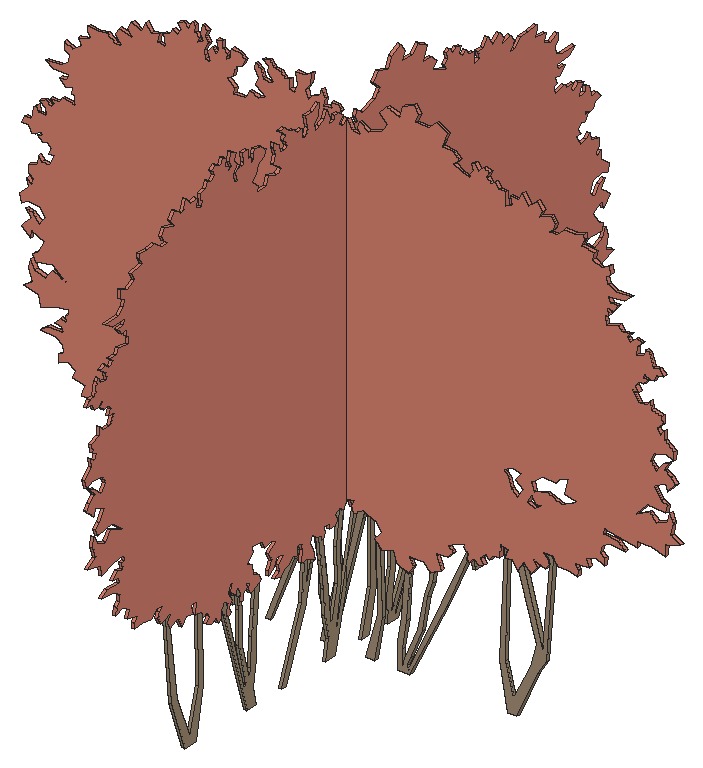
Revit family "남천", category 수목, Revit 2019
Family settings
  OmniClass 번호 = 23.40.05.00
  OmniClass 제목 = Plants and Planting Products
  작업 기준면 기반 = 아니오
  항상 수직 = 예
  로드될 때 보이드를 사용하여 절단 = 아니오
  렌더 모양 소스 = 패밀리 형상
  공유 = 아니오
Parameters
  높이 = 6000 mm
Reference planes
  plane 1 "중심(앞/뒤)": y = 0
  plane 2: z = 0
  plane 3 "중심(왼쪽/오른쪽)": x = 0
Dimensions and locks
  aligned and locked: level to plane 2
Nested families
  nested 1: "남천_base" at (0, 0, 0), type "남천_base"
Definition of nested family "남천_base"
  Parameters (values of type "남천_base")
    Height = 6000 mm
  Reference planes
    plane 1 "중심(앞/뒤)": y = 0
    plane 2: z = 0
    plane 3 "중심(왼쪽/오른쪽)": x = 0
    plane 4 "중심 L/S": x = 500
    plane 5 "중심 L/T": x = -500
  Forms (mm)
    Extrusion 1, solid, detail levels fine
      sketch origin (0, 0, 0) x (1, 0, 0) y (0, 0, 1)
        loop
          line (80.286, 176.292) -> (85.418, 159.57) -> (105.102, 150.285) -> (112.367, 162.751) -> (106.26, 176.112) -> (129.292, 176.349) -> (142.188, 165.026) -> (160.028, 174.495) -> (151.265, 196.575) -> (170.335, 197.963) -> (179.881, 207.617) -> (171.326, 216.061) -> (183.693, 223.429) -> (200.072, 228.028) -> (197.106, 222.268) -> (203.809, 215.388) -> (201.485, 205.41) -> (206.347, 201.833) -> (212.904, 210.945) -> (221.412, 204.685) -> (231.046, 207.488) -> (226.135, 216.496) -> (233.913, 224.111) -> (240.907, 218.441) -> (246.565, 226.941) -> (257.421, 227.945) -> (258.144, 248.168) -> (269.955, 243.749) -> (265.241, 231.033) -> (279.119, 231.763) -> (286.782, 218.857) -> (296.889, 234.621) -> (311.164, 222.996) -> (320.405, 234.533) -> (314.283, 244.724) -> (333.945, 237.368) -> (340.797, 246.472) -> (338.303, 255.491) -> (331.614, 261.759) -> (344.277, 261.573) -> (356.45, 249.025) -> (372.728, 249.173) -> (388.439, 245.397) -> (389.267, 253.843) -> (384.658, 263.446) -> (407.247, 265.761) -> (403.521, 277.783) -> (418.53, 284.851) -> (432.471, 276.84) -> (433.863, 289.511) -> (426.275, 295.168) -> (429.194, 305.743) -> (441.192, 312.483) -> (468.034, 311.219) -> (456.182, 321.66) -> (430.836, 324.143) -> (433.858, 332.534) -> (487.865, 323.726) -> (487.95, 333.139) -> (511.489, 332.925) -> (534.979, 327.221) -> (535.927, 345.255) -> (561.114, 353.656) -> (543.93, 362.442) -> (548.024, 381.232) -> (542.66, 395.402) -> (537.817, 380.54) -> (520.483, 372.853) -> (508.036, 384.733) -> (486.751, 373.943) -> (505.767, 394.168) -> (535.57, 392.328) -> (538.03, 404.073) -> (528.349, 408.835) -> (516.278, 426.056) -> (535.941, 437.123) -> (539.262, 425.848) -> (552.599, 440.395) -> (543.876, 449.275) -> (533.673, 456.701) -> (541.124, 469.346) -> (531.299, 464.546) -> (519.927, 450.959) -> (509.262, 461.323) -> (516.726, 475.434) -> (537.309, 480.137) -> (548.513, 475.146) -> (549.256, 488.727) -> (533.304, 501.038) -> (533.428, 514.662) -> (527.034, 507.421) -> (521.751, 515.255) -> (529.605, 522.483) -> (528.741, 534.657) -> (511.746, 539.191) -> (509.422, 551.378) -> (504.489, 544.123) -> (491.325, 541.809) -> (480.475, 557.459) -> (490.772, 557.365) -> (485.403, 566.498) -> (491.224, 573.713) -> (498.79, 573.039) -> (506.141, 582.056) -> (498.578, 583.033) -> (500.436, 587.559) -> (509.787, 583.235) -> (516.453, 583.477) -> (520.481, 593.433) -> (532.62, 596.048) -> (525.131, 605.201) -> (514.514, 603.48) -> (507.755, 622.781) -> (502.351, 625.241) -> (500.764, 616.515) -> (487.169, 613.323) -> (488.18, 625.068) -> (496.7, 633.731) -> (486.779, 636.835) -> (477.059, 628.786) -> (471.079, 634.265) -> (477.168, 640.841) -> (462.68, 638.862) -> (456.716, 646.15) -> (436.467, 640.607) -> (434.475, 653.585) -> (440.216, 655.04) -> (437.294, 665.313) -> (447.834, 664.012) -> (456.683, 675.686) -> (443.414, 675.204) -> (440.473, 683.368) -> (465.819, 685.851) -> (477.671, 696.292) -> (450.829, 695.028) -> (438.831, 701.768) -> (435.912, 712.343) -> (443.5, 718) -> (442.108, 730.671) -> (428.167, 722.66) -> (413.158, 729.728) -> (416.884, 741.75) -> (394.295, 744.065) -> (398.904, 753.667) -> (398.076, 762.114) -> (382.365, 758.338) -> (366.087, 758.486) -> (353.914, 745.938) -> (341.251, 745.751) -> (347.94, 752.02) -> (350.434, 761.039) -> (343.582, 770.143) -> (323.92, 762.786) -> (330.042, 772.978) -> (320.801, 784.515) -> (306.526, 772.89) -> (296.419, 788.654) -> (288.756, 775.748) -> (274.878, 776.478) -> (279.592, 763.762) -> (267.781, 759.342) -> (267.059, 779.566) -> (256.202, 780.57) -> (250.544, 789.07) -> (243.55, 783.4) -> (235.772, 791.015) -> (240.683, 800.023) -> (231.05, 802.826) -> (222.541, 796.566) -> (215.984, 805.678) -> (211.122, 802.101) -> (213.446, 792.122) -> (206.743, 785.243) -> (209.709, 779.483) -> (193.33, 784.081) -> (180.963, 791.449) -> (189.518, 799.894) -> (179.972, 809.548) -> (160.902, 810.936) -> (169.665, 833.016) -> (151.825, 842.485) -> (138.929, 831.162) -> (115.897, 831.399) -> (122.004, 844.76) -> (114.739, 857.226) -> (95.055, 847.941) -> (89.923, 831.219) -> (68.509, 837.683) -> (56.801, 825.029) -> (69.667, 811.856) -> (61.039, 798.638) -> (37.331, 790.248) -> (22.423, 799.006) -> (19.758, 789.312) -> (24.139, 780.306) -> (10.223, 782.061) -> (2.89, 796.55) -> (-4.774, 789.254) -> (-14.988, 795.571) -> (-7.93, 804.955) -> (-14.707, 811.138) -> (-24.102, 811.67) -> (-24.328, 804.496) -> (-36.813, 802.727) -> (-34.887, 813.248) -> (-40.524, 826.735) -> (-44.106, 814.737) -> (-56.203, 810.229) -> (-62.736, 803.714) -> (-66.983, 816.156) -> (-59.706, 826.192) -> (-56.987, 844.278) -> (-69.349, 837.248) -> (-83.658, 837.395) -> (-80.59, 818.523) -> (-85.647, 806.425) -> (-93.96, 808.631) -> (-94.029, 822.157) -> (-101.443, 820.184) -> (-110.266, 828.164) -> (-119.743, 829.898) -> (-128.091, 838.867) -> (-139.511, 836.942) -> (-129.524, 829.435) -> (-130.915, 819.702) -> (-122.052, 809.267) -> (-127.917, 805.052) -> (-138.126, 807.606) -> (-142.205, 819.026) -> (-151.546, 826.316) -> (-152.59, 818.478) -> (-146.832, 806.065) -> (-152.104, 793.321) -> (-135.272, 780.938) -> (-146.05, 776.643) -> (-161.384, 780.624) -> (-166.785, 768.784) -> (-187.554, 767.689) -> (-185.819, 777.163) -> (-198.171, 788.335) -> (-188.513, 794.009) -> (-185.736, 809.169) -> (-173.579, 814.582) -> (-168.61, 825.13) -> (-178.814, 832.065) -> (-190.838, 834.656) -> (-193.379, 828.776) -> (-192.704, 819.672) -> (-200.355, 815.215) -> (-198.84, 824.016) -> (-206.651, 829.35) -> (-206.68, 840.386) -> (-216.003, 839.065) -> (-213.616, 824.377) -> (-217.576, 817.683) -> (-223.837, 825.076) -> (-231.409, 815.723) -> (-227.26, 801.591) -> (-234.687, 804.219) -> (-237.508, 815.473) -> (-229.621, 828.59) -> (-235.97, 836.833) -> (-231.221, 846.343) -> (-240.818, 851.689) -> (-242.883, 838.292) -> (-239.012, 828.174) -> (-248.022, 825.069) -> (-245.837, 831.169) -> (-253.385, 837.109) -> (-252.391, 847.307) -> (-257.68, 850.215) -> (-262.985, 840.321) -> (-272.241, 845.41) -> (-281.423, 841.367) -> (-275.372, 833.081) -> (-282.084, 824.512) -> (-289.761, 829.215) -> (-294.255, 820.045) -> (-304.886, 817.626) -> (-302.947, 797.482) -> (-315.237, 800.313) -> (-312.233, 813.538) -> (-325.894, 810.993) -> (-335.185, 822.782) -> (-343.136, 805.827) -> (-358.813, 815.478) -> (-366.46, 802.829) -> (-359.053, 793.528) -> (-379.511, 798.241) -> (-385.108, 788.316) -> (-381.453, 779.703) -> (-373.998, 774.366) -> (-386.577, 772.889) -> (-400.291, 783.731) -> (-416.409, 781.448) -> (-432.48, 783.129) -> (-432.192, 774.647) -> (-426.362, 765.733) -> (-448.453, 760.473) -> (-443.181, 749.045) -> (-457.133, 740.068) -> (-472.004, 746.18) -> (-471.721, 733.436) -> (-463.456, 728.823) -> (-464.962, 717.956) -> (-475.972, 709.701) -> (-502.748, 707.43) -> (-489.628, 698.635) -> (-464.175, 699.5) -> (-466.019, 691.021) -> (-479.237, 689.758) -> (-468.932, 679.346) -> (-458.655, 682.019) -> (-460.203, 671.451) -> (-454.32, 670.762) -> (-454.592, 657.635) -> (-475.393, 660.472) -> (-480.349, 652.465) -> (-494.972, 652.525) -> (-488.072, 646.805) -> (-493.281, 640.589) -> (-503.974, 647.293) -> (-513.401, 642.914) -> (-503.818, 635.444) -> (-501.275, 623.933) -> (-515.171, 625.313) -> (-517.889, 633.755) -> (-522.924, 630.607) -> (-527.091, 610.586) -> (-537.842, 610.899) -> (-544.065, 600.842) -> (-531.688, 599.843) -> (-526.388, 590.502) -> (-519.748, 591.136) -> (-511.046, 596.65) -> (-508.609, 592.408) -> (-515.979, 590.447) -> (-507.508, 582.472) -> (-500.096, 584.133) -> (-493.379, 577.745) -> (-497.503, 567.986) -> (-487.306, 569.43) -> (-496.009, 552.492) -> (-509.363, 553.058) -> (-515.206, 559.602) -> (-515.909, 547.216) -> (-532.163, 540.491) -> (-531.421, 528.309) -> (-522.687, 522.174) -> (-526.896, 513.715) -> (-534.185, 520.055) -> (-532.274, 506.564) -> (-546.472, 492.267) -> (-543.953, 478.9) -> (-533.502, 485.318) -> (-512.479, 483.357) -> (-503.228, 470.348) -> (-512.441, 458.674) -> (-525.497, 470.65) -> (-535.867, 474.12) -> (-526.821, 46
            2.562) -> (-535.962, 453.861) -> (-543.443, 443.913) -> (-528.313, 431.243) -> (-526.5, 442.856) -> (-505.555, 434.466) -> (-515.261, 415.809) -> (-524.234, 409.818) -> (-520.253, 398.497) -> (-490.95, 404.232) -> (-469.443, 386.678) -> (-491.96, 394.581) -> (-502.741, 381.17) -> (-520.934, 386.517) -> (-527.685, 400.614) -> (-531.144, 385.863) -> (-524.619, 367.772) -> (-540.501, 356.807) -> (-514.43, 351.785) -> (-511.123, 334.03) -> (-488.585, 342.768) -> (-465.277, 346.069) -> (-463.957, 336.749) -> (-469.84, 336.06) -> (-468.292, 325.492) -> (-478.569, 328.165) -> (-488.874, 317.753) -> (-475.656, 316.49) -> (-473.812, 308.011) -> (-499.265, 308.876) -> (-512.385, 300.081) -> (-485.609, 297.81) -> (-474.599, 289.555) -> (-473.093, 278.688) -> (-481.359, 274.075) -> (-481.641, 261.331) -> (-466.77, 267.443) -> (-452.818, 258.466) -> (-458.09, 247.038) -> (-436, 241.778) -> (-441.829, 232.864) -> (-442.117, 224.382) -> (-426.046, 226.063) -> (-409.928, 223.78) -> (-396.214, 234.622) -> (-383.636, 233.145) -> (-391.09, 227.808) -> (-394.745, 219.194) -> (-389.148, 209.27) -> (-368.69, 213.982) -> (-376.097, 204.682) -> (-368.45, 192.033) -> (-352.773, 201.683) -> (-344.822, 184.729) -> (-335.532, 196.518) -> (-321.87, 193.973) -> (-324.874, 207.198) -> (-312.585, 210.029) -> (-314.523, 189.885) -> (-303.892, 187.465) -> (-299.398, 178.296) -> (-291.721, 182.999) -> (-285.009, 174.43) -> (-291.06, 166.144) -> (-281.878, 162.101) -> (-272.622, 167.19) -> (-267.317, 157.296) -> (-262.028, 160.204) -> (-263.022, 170.402) -> (-255.474, 176.342) -> (-257.659, 182.441) -> (-248.649, 179.337) -> (-252.52, 169.219) -> (-250.455, 155.822) -> (-240.858, 161.168) -> (-245.607, 170.678) -> (-239.258, 178.921) -> (-247.145, 192.038) -> (-244.324, 203.292) -> (-236.897, 205.92) -> (-241.046, 191.787) -> (-233.474, 182.435) -> (-227.213, 189.828) -> (-223.253, 183.134) -> (-225.64, 168.446) -> (-216.317, 167.125) -> (-216.288, 178.161) -> (-208.477, 183.495) -> (-209.992, 192.296) -> (-202.341, 187.839) -> (-203.016, 178.735) -> (-200.475, 172.855) -> (-188.451, 175.445) -> (-178.247, 182.381) -> (-183.216, 192.929) -> (-195.373, 198.342) -> (-198.15, 213.501) -> (-207.808, 219.176) -> (-195.456, 230.347) -> (-197.191, 239.822) -> (-176.422, 238.726) -> (-171.021, 226.887) -> (-155.687, 230.868) -> (-144.909, 226.573) -> (-161.741, 214.19) -> (-156.469, 201.446) -> (-162.227, 189.033) -> (-161.183, 181.194) -> (-151.842, 188.485) -> (-147.763, 199.905) -> (-137.555, 202.459) -> (-131.689, 198.244) -> (-140.552, 187.809) -> (-139.162, 178.076) -> (-149.149, 170.569) -> (-137.728, 168.644) -> (-129.38, 177.613) -> (-119.903, 179.347) -> (-111.08, 187.327) -> (-103.666, 185.354) -> (-103.597, 198.88) -> (-95.284, 201.086) -> (-90.227, 188.988) -> (-93.295, 170.116) -> (-78.986, 170.263) -> (-66.624, 163.233) -> (-69.343, 181.319) -> (-76.62, 191.355) -> (-72.373, 203.797) -> (-65.84, 197.282) -> (-53.743, 192.773) -> (-50.161, 180.776) -> (-44.524, 194.263) -> (-46.45, 204.783) -> (-33.965, 203.015) -> (-33.739, 195.841) -> (-24.344, 196.373) -> (-17.567, 202.556) -> (-24.625, 211.94) -> (-14.411, 218.257) -> (-6.747, 210.961) -> (0.586, 225.45) -> (14.502, 227.205) -> (10.12, 218.199) -> (12.786, 208.505) -> (27.694, 217.263) -> (51.402, 208.873) -> (60.03, 195.655) -> (47.164, 182.482) -> (58.872, 169.828) -> (80.286, 176.292)
        loop
          line (276.751, 338.374) -> (287.329, 330.438) -> (296.906, 343.204) -> (283.576, 353.205) -> (293.253, 366.104) -> (278.469, 370.672) -> (261.804, 362.61) -> (271.749, 353.742) -> (276.751, 338.374)
        loop
          line (361.392, 343.512) -> (388.99, 356.207) -> (366.153, 362.552) -> (372.955, 387.031) -> (358.943, 381.447) -> (352.275, 374.248) -> (329.072, 374.248) -> (311.504, 359.986) -> (315.471, 346.519) -> (337.586, 353.032) -> (361.392, 343.512)
        loop
          line (304.535, 328.187) -> (315.065, 321.765) -> (329.305, 330.908) -> (317.329, 330.092) -> (311.341, 339.344) -> (304.535, 328.187)
      from 0 to 5
    Extrusion 2, solid, detail levels fine
      sketch origin (0, 0, 0) x (1, 0, 0) y (0, 0, 1)
        loop
          line (265.41, 245.45) -> (257.609, 74.87) -> (271.248, 0) -> (286.234, 0) -> (320.468, 75.546) -> (335.405, 98.363) -> (348.267, 257.461) -> (344.277, 261.573) -> (331.614, 261.759) -> (338.303, 255.491) -> (340.517, 247.484) -> (340.797, 246.472) -> (340.228, 244.106) -> (329.935, 116.791) -> (298.163, 233.583) -> (296.889, 234.621) -> (288.266, 221.171) -> (318.613, 118.999) -> (309.563, 82.12) -> (279.934, 25.08) -> (266.877, 77.056) -> (271.166, 231.345) -> (265.241, 231.033) -> (269.955, 243.749) -> (265.41, 245.45)
        loop
          line (86.144, 0) -> (107.024, 0) -> (169.655, 125.227) -> (203.885, 203.644) -> (201.485, 205.41) -> (203.809, 215.388) -> (202.153, 217.089) -> (160.382, 125.591) -> (104.125, 6.295) -> (102.345, 12.344) -> (127.971, 72.477) -> (137.225, 126.56) -> (145.411, 150.756) -> (148.089, 168.158) -> (142.188, 165.026) -> (140.719, 166.315) -> (140.072, 152.891) -> (131.174, 127.628) -> (120.497, 71.409) -> (97.362, 20.172) -> (94.131, 9.509) -> (94.577, 34.018) -> (101.708, 79.024) -> (104.16, 119.798) -> (107.555, 154.495) -> (105.102, 150.285) -> (99.54, 152.908) -> (96.137, 128.933) -> (93.685, 82.366) -> (85.662, 43.153) -> (86.144, 0)
        loop
          line (58.101, 170.66) -> (50.616, 178.752) -> (52.185, 70.492) -> (33.478, 0) -> (48.064, 0) -> (61.423, 68.183) -> (58.101, 170.66)
        loop
          line (30.631, 216.224) -> (27.694, 217.263) -> (19.902, 212.686) -> (-19.695, 38.261) -> (-22.738, 43.784) -> (-10.686, 108.029) -> (-13.317, 162.836) -> (-7.935, 212.092) -> (-12.852, 216.773) -> (-19.455, 162.573) -> (-17.754, 105.374) -> (-29.292, 50.353) -> (-30.147, 39.244) -> (-34.998, 63.272) -> (-37.743, 108.757) -> (-44.144, 149.1) -> (-48.452, 184.865) -> (-50.161, 180.776) -> (-53.743, 192.773) -> (-56.831, 193.924) -> (-53.949, 156.289) -> (-46.298, 110.29) -> (-45.674, 70.269) -> (-36.635, 31.422) -> (-41.958, 0) -> (-23.739, 0) -> (30.631, 216.224)
        loop
          line (-70.213, 165.274) -> (-74.503, 167.714) -> (-84.448, 124.727) -> (-81.994, 170.232) -> (-89.806, 170.232) -> (-93.154, 111.029) -> (-134.582, 0) -> (-126.688, 0) -> (-85.49, 105.408) -> (-85.253, 109.811) -> (-70.213, 165.274)
        loop
          line (-259.711, 173.008) -> (-257.222, 162.683) -> (-208.902, 0) -> (-189.561, 0) -> (-196.189, 28.04) -> (-188.805, 67.235) -> (-189.877, 107.247) -> (-184.182, 153.529) -> (-183.316, 178.936) -> (-188.451, 175.445) -> (-191.431, 174.803) -> (-193.673, 145.931) -> (-198.36, 105.353) -> (-199.175, 59.792) -> (-203.004, 35.581) -> (-204.329, 46.643) -> (-218.187, 101.127) -> (-218.911, 158.346) -> (-220.457, 167.712) -> (-225.64, 168.446) -> (-223.253, 183.134) -> (-227.213, 189.828) -> (-229.449, 187.188) -> (-225.055, 158.348) -> (-225.361, 103.479) -> (-210.599, 39.803) -> (-213.404, 34.156) -> (-247.023, 157.734) -> (-250.455, 155.822) -> (-252.52, 169.219) -> (-251.043, 173.08) -> (-253.055, 180.855) -> (-257.659, 182.441) -> (-255.474, 176.342) -> (-259.711, 173.008)
        loop
          line (-377.554, 211.941) -> (-364.617, 78.494) -> (-338.385, 0) -> (-315.02, 0) -> (-299.549, 78.958) -> (-303.008, 185.663) -> (-303.892, 187.465) -> (-310.348, 188.935) -> (-308.787, 81.267) -> (-327.149, 12.077) -> (-355.753, 81.972) -> (-368.408, 191.964) -> (-376.097, 204.682) -> (-368.69, 213.982) -> (-377.554, 211.941)
      from 0 to 5
    Extrusion 3, solid, detail levels fine
      sketch origin (-5, -5, 0) x (0, 1, 0) y (0, 0, 1)
        loop
          line (80.286, 176.292) -> (85.418, 159.57) -> (105.102, 150.285) -> (112.367, 162.751) -> (106.26, 176.112) -> (129.292, 176.349) -> (142.188, 165.026) -> (160.028, 174.495) -> (151.265, 196.575) -> (170.335, 197.963) -> (179.881, 207.617) -> (171.326, 216.061) -> (183.693, 223.429) -> (200.072, 228.028) -> (197.106, 222.268) -> (203.809, 215.388) -> (201.485, 205.41) -> (206.347, 201.833) -> (212.904, 210.945) -> (221.412, 204.685) -> (231.046, 207.488) -> (226.135, 216.496) -> (233.913, 224.111) -> (240.907, 218.441) -> (246.565, 226.941) -> (257.421, 227.945) -> (258.144, 248.168) -> (269.955, 243.749) -> (265.241, 231.033) -> (279.119, 231.763) -> (286.782, 218.857) -> (296.889, 234.621) -> (311.164, 222.996) -> (320.405, 234.533) -> (314.283, 244.724) -> (333.945, 237.368) -> (340.797, 246.472) -> (338.303, 255.491) -> (331.614, 261.759) -> (344.277, 261.573) -> (356.45, 249.025) -> (372.728, 249.173) -> (388.439, 245.397) -> (389.267, 253.843) -> (384.658, 263.446) -> (407.247, 265.761) -> (403.521, 277.783) -> (418.53, 284.851) -> (432.471, 276.84) -> (433.863, 289.511) -> (426.275, 295.168) -> (429.194, 305.743) -> (441.192, 312.483) -> (468.034, 311.219) -> (456.182, 321.66) -> (430.836, 324.143) -> (433.858, 332.534) -> (487.865, 323.726) -> (487.95, 333.139) -> (511.489, 332.925) -> (534.979, 327.221) -> (535.927, 345.255) -> (561.114, 353.656) -> (543.93, 362.442) -> (548.024, 381.232) -> (542.66, 395.402) -> (537.817, 380.54) -> (520.483, 372.853) -> (508.036, 384.733) -> (486.751, 373.943) -> (505.767, 394.168) -> (535.57, 392.328) -> (538.03, 404.073) -> (528.349, 408.835) -> (516.278, 426.056) -> (535.941, 437.123) -> (539.262, 425.848) -> (552.599, 440.395) -> (543.876, 449.275) -> (533.673, 456.701) -> (541.124, 469.346) -> (531.299, 464.546) -> (519.927, 450.959) -> (509.262, 461.323) -> (516.726, 475.434) -> (537.309, 480.137) -> (548.513, 475.146) -> (549.256, 488.727) -> (533.304, 501.038) -> (533.428, 514.662) -> (527.034, 507.421) -> (521.751, 515.255) -> (529.605, 522.483) -> (528.741, 534.657) -> (511.746, 539.191) -> (509.422, 551.378) -> (504.489, 544.123) -> (491.325, 541.809) -> (480.475, 557.459) -> (490.772, 557.365) -> (485.403, 566.498) -> (491.224, 573.713) -> (498.79, 573.039) -> (506.141, 582.056) -> (498.578, 583.033) -> (500.436, 587.559) -> (509.787, 583.235) -> (516.453, 583.477) -> (520.481, 593.433) -> (532.62, 596.048) -> (525.131, 605.201) -> (514.514, 603.48) -> (507.755, 622.781) -> (502.351, 625.241) -> (500.764, 616.515) -> (487.169, 613.323) -> (488.18, 625.068) -> (496.7, 633.731) -> (486.779, 636.835) -> (477.059, 628.786) -> (471.079, 634.265) -> (477.168, 640.841) -> (462.68, 638.862) -> (456.716, 646.15) -> (436.467, 640.607) -> (434.475, 653.585) -> (440.216, 655.04) -> (437.294, 665.313) -> (447.834, 664.012) -> (456.683, 675.686) -> (443.414, 675.204) -> (440.473, 683.368) -> (465.819, 685.851) -> (477.671, 696.292) -> (450.829, 695.028) -> (438.831, 701.768) -> (435.912, 712.343) -> (443.5, 718) -> (442.108, 730.671) -> (428.167, 722.66) -> (413.158, 729.728) -> (416.884, 741.75) -> (394.295, 744.065) -> (398.904, 753.667) -> (398.076, 762.114) -> (382.365, 758.338) -> (366.087, 758.486) -> (353.914, 745.938) -> (341.251, 745.751) -> (347.94, 752.02) -> (350.434, 761.039) -> (343.582, 770.143) -> (323.92, 762.786) -> (330.042, 772.978) -> (320.801, 784.515) -> (306.526, 772.89) -> (296.419, 788.654) -> (288.756, 775.748) -> (274.878, 776.478) -> (279.592, 763.762) -> (267.781, 759.342) -> (267.059, 779.566) -> (256.202, 780.57) -> (250.544, 789.07) -> (243.55, 783.4) -> (235.772, 791.015) -> (240.683, 800.023) -> (231.05, 802.826) -> (222.541, 796.566) -> (215.984, 805.678) -> (211.122, 802.101) -> (213.446, 792.122) -> (206.743, 785.243) -> (209.709, 779.483) -> (193.33, 784.081) -> (180.963, 791.449) -> (189.518, 799.894) -> (179.972, 809.548) -> (160.902, 810.936) -> (169.665, 833.016) -> (151.825, 842.485) -> (138.929, 831.162) -> (115.897, 831.399) -> (122.004, 844.76) -> (114.739, 857.226) -> (95.055, 847.941) -> (89.923, 831.219) -> (68.509, 837.683) -> (56.801, 825.029) -> (69.667, 811.856) -> (61.039, 798.638) -> (37.331, 790.248) -> (22.423, 799.006) -> (19.758, 789.312) -> (24.139, 780.306) -> (10.223, 782.061) -> (2.89, 796.55) -> (-4.774, 789.254) -> (-14.988, 795.571) -> (-7.93, 804.955) -> (-14.707, 811.138) -> (-24.102, 811.67) -> (-24.328, 804.496) -> (-36.813, 802.727) -> (-34.887, 813.248) -> (-40.524, 826.735) -> (-44.106, 814.737) -> (-56.203, 810.229) -> (-62.736, 803.714) -> (-66.983, 816.156) -> (-59.706, 826.192) -> (-56.987, 844.278) -> (-69.349, 837.248) -> (-83.658, 837.395) -> (-80.59, 818.523) -> (-85.647, 806.425) -> (-93.96, 808.631) -> (-94.029, 822.157) -> (-101.443, 820.184) -> (-110.266, 828.164) -> (-119.743, 829.898) -> (-128.091, 838.867) -> (-139.511, 836.942) -> (-129.524, 829.435) -> (-130.915, 819.702) -> (-122.052, 809.267) -> (-127.917, 805.052) -> (-138.126, 807.606) -> (-142.205, 819.026) -> (-151.546, 826.316) -> (-152.59, 818.478) -> (-146.832, 806.065) -> (-152.104, 793.321) -> (-135.272, 780.938) -> (-146.05, 776.643) -> (-161.384, 780.624) -> (-166.785, 768.784) -> (-187.554, 767.689) -> (-185.819, 777.163) -> (-198.171, 788.335) -> (-188.513, 794.009) -> (-185.736, 809.169) -> (-173.579, 814.582) -> (-168.61, 825.13) -> (-178.814, 832.065) -> (-190.838, 834.656) -> (-193.379, 828.776) -> (-192.704, 819.672) -> (-200.355, 815.215) -> (-198.84, 824.016) -> (-206.651, 829.35) -> (-206.68, 840.386) -> (-216.003, 839.065) -> (-213.616, 824.377) -> (-217.576, 817.683) -> (-223.837, 825.076) -> (-231.409, 815.723) -> (-227.26, 801.591) -> (-234.687, 804.219) -> (-237.508, 815.473) -> (-229.621, 828.59) -> (-235.97, 836.833) -> (-231.221, 846.343) -> (-240.818, 851.689) -> (-242.883, 838.292) -> (-239.012, 828.174) -> (-248.022, 825.069) -> (-245.837, 831.169) -> (-253.385, 837.109) -> (-252.391, 847.307) -> (-257.68, 850.215) -> (-262.985, 840.321) -> (-272.241, 845.41) -> (-281.423, 841.367) -> (-275.372, 833.081) -> (-282.084, 824.512) -> (-289.761, 829.215) -> (-294.255, 820.045) -> (-304.886, 817.626) -> (-302.947, 797.482) -> (-315.237, 800.313) -> (-312.233, 813.538) -> (-325.894, 810.993) -> (-335.185, 822.782) -> (-343.136, 805.827) -> (-358.813, 815.478) -> (-366.46, 802.829) -> (-359.053, 793.528) -> (-379.511, 798.241) -> (-385.108, 788.316) -> (-381.453, 779.703) -> (-373.998, 774.366) -> (-386.577, 772.889) -> (-400.291, 783.731) -> (-416.409, 781.448) -> (-432.48, 783.129) -> (-432.192, 774.647) -> (-426.362, 765.733) -> (-448.453, 760.473) -> (-443.181, 749.045) -> (-457.133, 740.068) -> (-472.004, 746.18) -> (-471.721, 733.436) -> (-463.456, 728.823) -> (-464.962, 717.956) -> (-475.972, 709.701) -> (-502.748, 707.43) -> (-489.628, 698.635) -> (-464.175, 699.5) -> (-466.019, 691.021) -> (-479.237, 689.758) -> (-468.932, 679.346) -> (-458.655, 682.019) -> (-460.203, 671.451) -> (-454.32, 670.762) -> (-454.592, 657.635) -> (-475.393, 660.472) -> (-480.349, 652.465) -> (-494.972, 652.525) -> (-488.072, 646.805) -> (-493.281, 640.589) -> (-503.974, 647.293) -> (-513.401, 642.914) -> (-503.818, 635.444) -> (-501.275, 623.933) -> (-515.171, 625.313) -> (-517.889, 633.755) -> (-522.924, 630.607) -> (-527.091, 610.586) -> (-537.842, 610.899) -> (-544.065, 600.842) -> (-531.688, 599.843) -> (-526.388, 590.502) -> (-519.748, 591.136) -> (-511.046, 596.65) -> (-508.609, 592.408) -> (-515.979, 590.447) -> (-507.508, 582.472) -> (-500.096, 584.133) -> (-493.379, 577.745) -> (-497.503, 567.986) -> (-487.306, 569.43) -> (-496.009, 552.492) -> (-509.363, 553.058) -> (-515.206, 559.602) -> (-515.909, 547.216) -> (-532.163, 540.491) -> (-531.421, 528.309) -> (-522.687, 522.174) -> (-526.896, 513.715) -> (-534.185, 520.055) -> (-532.274, 506.564) -> (-546.472, 492.267) -> (-543.953, 478.9) -> (-533.502, 485.318) -> (-512.479, 483.357) -> (-503.228, 470.348) -> (-512.441, 458.674) -> (-525.497, 470.65) -> (-535.867, 474.12) -> (-526.821, 46
            2.562) -> (-535.962, 453.861) -> (-543.443, 443.913) -> (-528.313, 431.243) -> (-526.5, 442.856) -> (-505.555, 434.466) -> (-515.261, 415.809) -> (-524.234, 409.818) -> (-520.253, 398.497) -> (-490.95, 404.232) -> (-469.443, 386.678) -> (-491.96, 394.581) -> (-502.741, 381.17) -> (-520.934, 386.517) -> (-527.685, 400.614) -> (-531.144, 385.863) -> (-524.619, 367.772) -> (-540.501, 356.807) -> (-514.43, 351.785) -> (-511.123, 334.03) -> (-488.585, 342.768) -> (-465.277, 346.069) -> (-463.957, 336.749) -> (-469.84, 336.06) -> (-468.292, 325.492) -> (-478.569, 328.165) -> (-488.874, 317.753) -> (-475.656, 316.49) -> (-473.812, 308.011) -> (-499.265, 308.876) -> (-512.385, 300.081) -> (-485.609, 297.81) -> (-474.599, 289.555) -> (-473.093, 278.688) -> (-481.359, 274.075) -> (-481.641, 261.331) -> (-466.77, 267.443) -> (-452.818, 258.466) -> (-458.09, 247.038) -> (-436, 241.778) -> (-441.829, 232.864) -> (-442.117, 224.382) -> (-426.046, 226.063) -> (-409.928, 223.78) -> (-396.214, 234.622) -> (-383.636, 233.145) -> (-391.09, 227.808) -> (-394.745, 219.194) -> (-389.148, 209.27) -> (-368.69, 213.982) -> (-376.097, 204.682) -> (-368.45, 192.033) -> (-352.773, 201.683) -> (-344.822, 184.729) -> (-335.532, 196.518) -> (-321.87, 193.973) -> (-324.874, 207.198) -> (-312.585, 210.029) -> (-314.523, 189.885) -> (-303.892, 187.465) -> (-299.398, 178.296) -> (-291.721, 182.999) -> (-285.009, 174.43) -> (-291.06, 166.144) -> (-281.878, 162.101) -> (-272.622, 167.19) -> (-267.317, 157.296) -> (-262.028, 160.204) -> (-263.022, 170.402) -> (-255.474, 176.342) -> (-257.659, 182.441) -> (-248.649, 179.337) -> (-252.52, 169.219) -> (-250.455, 155.822) -> (-240.858, 161.168) -> (-245.607, 170.678) -> (-239.258, 178.921) -> (-247.145, 192.038) -> (-244.324, 203.292) -> (-236.897, 205.92) -> (-241.046, 191.787) -> (-233.474, 182.435) -> (-227.213, 189.828) -> (-223.253, 183.134) -> (-225.64, 168.446) -> (-216.317, 167.125) -> (-216.288, 178.161) -> (-208.477, 183.495) -> (-209.992, 192.296) -> (-202.341, 187.839) -> (-203.016, 178.735) -> (-200.475, 172.855) -> (-188.451, 175.445) -> (-178.247, 182.381) -> (-183.216, 192.929) -> (-195.373, 198.342) -> (-198.15, 213.501) -> (-207.808, 219.176) -> (-195.456, 230.347) -> (-197.191, 239.822) -> (-176.422, 238.726) -> (-171.021, 226.887) -> (-155.687, 230.868) -> (-144.909, 226.573) -> (-161.741, 214.19) -> (-156.469, 201.446) -> (-162.227, 189.033) -> (-161.183, 181.194) -> (-151.842, 188.485) -> (-147.763, 199.905) -> (-137.555, 202.459) -> (-131.689, 198.244) -> (-140.552, 187.809) -> (-139.162, 178.076) -> (-149.149, 170.569) -> (-137.728, 168.644) -> (-129.38, 177.613) -> (-119.903, 179.347) -> (-111.08, 187.327) -> (-103.666, 185.354) -> (-103.597, 198.88) -> (-95.284, 201.086) -> (-90.227, 188.988) -> (-93.295, 170.116) -> (-78.986, 170.263) -> (-66.624, 163.233) -> (-69.343, 181.319) -> (-76.62, 191.355) -> (-72.373, 203.797) -> (-65.84, 197.282) -> (-53.743, 192.773) -> (-50.161, 180.776) -> (-44.524, 194.263) -> (-46.45, 204.783) -> (-33.965, 203.015) -> (-33.739, 195.841) -> (-24.344, 196.373) -> (-17.567, 202.556) -> (-24.625, 211.94) -> (-14.411, 218.257) -> (-6.747, 210.961) -> (0.586, 225.45) -> (14.502, 227.205) -> (10.12, 218.199) -> (12.786, 208.505) -> (27.694, 217.263) -> (51.402, 208.873) -> (60.03, 195.655) -> (47.164, 182.482) -> (58.872, 169.828) -> (80.286, 176.292)
        loop
          line (276.751, 338.374) -> (287.329, 330.438) -> (296.906, 343.204) -> (283.576, 353.205) -> (293.253, 366.104) -> (278.469, 370.672) -> (261.804, 362.61) -> (271.749, 353.742) -> (276.751, 338.374)
        loop
          line (361.392, 343.512) -> (388.99, 356.207) -> (366.153, 362.552) -> (372.955, 387.031) -> (358.943, 381.447) -> (352.275, 374.248) -> (329.072, 374.248) -> (311.504, 359.986) -> (315.471, 346.519) -> (337.586, 353.032) -> (361.392, 343.512)
        loop
          line (304.535, 328.187) -> (315.065, 321.765) -> (329.305, 330.908) -> (317.329, 330.092) -> (311.341, 339.344) -> (304.535, 328.187)
      from 0 to 5
    Extrusion 4, solid, detail levels fine
      sketch origin (-5, -5, 0) x (0, 1, 0) y (0, 0, 1)
        loop
          line (265.41, 245.45) -> (257.609, 74.87) -> (271.248, 0) -> (286.234, 0) -> (320.468, 75.546) -> (335.405, 98.363) -> (348.267, 257.461) -> (344.277, 261.573) -> (331.614, 261.759) -> (338.303, 255.491) -> (340.517, 247.484) -> (340.797, 246.472) -> (340.228, 244.106) -> (329.935, 116.791) -> (298.163, 233.583) -> (296.889, 234.621) -> (288.266, 221.171) -> (318.613, 118.999) -> (309.563, 82.12) -> (279.934, 25.08) -> (266.877, 77.056) -> (271.166, 231.345) -> (265.241, 231.033) -> (269.955, 243.749) -> (265.41, 245.45)
        loop
          line (86.144, 0) -> (107.024, 0) -> (169.655, 125.227) -> (203.885, 203.644) -> (201.485, 205.41) -> (203.809, 215.388) -> (202.153, 217.089) -> (160.382, 125.591) -> (104.125, 6.295) -> (102.345, 12.344) -> (127.971, 72.477) -> (137.225, 126.56) -> (145.411, 150.756) -> (148.089, 168.158) -> (142.188, 165.026) -> (140.719, 166.315) -> (140.072, 152.891) -> (131.174, 127.628) -> (120.497, 71.409) -> (97.362, 20.172) -> (94.131, 9.509) -> (94.577, 34.018) -> (101.708, 79.024) -> (104.16, 119.798) -> (107.555, 154.495) -> (105.102, 150.285) -> (99.54, 152.908) -> (96.137, 128.933) -> (93.685, 82.366) -> (85.662, 43.153) -> (86.144, 0)
        loop
          line (58.101, 170.66) -> (50.616, 178.752) -> (52.185, 70.492) -> (33.478, 0) -> (48.064, 0) -> (61.423, 68.183) -> (58.101, 170.66)
        loop
          line (30.631, 216.224) -> (27.694, 217.263) -> (19.902, 212.686) -> (-19.695, 38.261) -> (-22.738, 43.784) -> (-10.686, 108.029) -> (-13.317, 162.836) -> (-7.935, 212.092) -> (-12.852, 216.773) -> (-19.455, 162.573) -> (-17.754, 105.374) -> (-29.292, 50.353) -> (-30.147, 39.244) -> (-34.998, 63.272) -> (-37.743, 108.757) -> (-44.144, 149.1) -> (-48.452, 184.865) -> (-50.161, 180.776) -> (-53.743, 192.773) -> (-56.831, 193.924) -> (-53.949, 156.289) -> (-46.298, 110.29) -> (-45.674, 70.269) -> (-36.635, 31.422) -> (-41.958, 0) -> (-23.739, 0) -> (30.631, 216.224)
        loop
          line (-70.213, 165.274) -> (-74.503, 167.714) -> (-84.448, 124.727) -> (-81.994, 170.232) -> (-89.806, 170.232) -> (-93.154, 111.029) -> (-134.582, 0) -> (-126.688, 0) -> (-85.49, 105.408) -> (-85.253, 109.811) -> (-70.213, 165.274)
        loop
          line (-259.711, 173.008) -> (-257.222, 162.683) -> (-208.902, 0) -> (-189.561, 0) -> (-196.189, 28.04) -> (-188.805, 67.235) -> (-189.877, 107.247) -> (-184.182, 153.529) -> (-183.316, 178.936) -> (-188.451, 175.445) -> (-191.431, 174.803) -> (-193.673, 145.931) -> (-198.36, 105.353) -> (-199.175, 59.792) -> (-203.004, 35.581) -> (-204.329, 46.643) -> (-218.187, 101.127) -> (-218.911, 158.346) -> (-220.457, 167.712) -> (-225.64, 168.446) -> (-223.253, 183.134) -> (-227.213, 189.828) -> (-229.449, 187.188) -> (-225.055, 158.348) -> (-225.361, 103.479) -> (-210.599, 39.803) -> (-213.404, 34.156) -> (-247.023, 157.734) -> (-250.455, 155.822) -> (-252.52, 169.219) -> (-251.043, 173.08) -> (-253.055, 180.855) -> (-257.659, 182.441) -> (-255.474, 176.342) -> (-259.711, 173.008)
        loop
          line (-377.554, 211.941) -> (-364.617, 78.494) -> (-338.385, 0) -> (-315.02, 0) -> (-299.549, 78.958) -> (-303.008, 185.663) -> (-303.892, 187.465) -> (-310.348, 188.935) -> (-308.787, 81.267) -> (-327.149, 12.077) -> (-355.753, 81.972) -> (-368.408, 191.964) -> (-376.097, 204.682) -> (-368.69, 213.982) -> (-377.554, 211.941)
      from 0 to 5
    Revolve 5, solid, detail levels coarse
      sketch origin (0, 0, 0) x (1, 0, 0) y (0, 0, 1)
        loop
          line (0, 0) -> (0, 687.614) -> (-220, 687.614)
          arc (-220, 687.614) -> (-443.545, 595.019) -> (-536.14, 371.474) r 316.14
          arc (-536.14, 371.474) -> (-433.356, 114.795) -> (-181.82, 0) r 371.89
          line (-181.82, 0) -> (0, 0)
        axis (0, 687.614) -> (0, 0)
      angle from 0 to 360
  Lines and regions (mm)
    symbolic lines
      curve 1: line (6.605, -322.206, 0) -> (13.334, -319.151, 0)
      curve 2: line (13.334, -319.151, 0) -> (19.227, -314.954, 0)
      curve 3: line (19.227, -314.954, 0) -> (24.467, -310.214, 0)
      curve 4: line (24.467, -310.214, 0) -> (29.239, -305.53, 0)
      curve 5: line (29.239, -305.53, 0) -> (33.726, -301.502, 0)
      curve 6: line (33.726, -301.502, 0) -> (38.112, -298.729, 0)
      curve 7: line (38.112, -298.729, 0) -> (42.581, -297.811, 0)
      curve 8: line (42.581, -297.811, 0) -> (47.316, -299.345, 0)
      curve 9: line (47.316, -299.345, 0) -> (52.479, -303.738, 0)
      curve 10: line (52.479, -303.738, 0) -> (58.136, -310.612, 0)
      curve 11: line (58.136, -310.612, 0) -> (64.333, -319.398, 0)
      curve 12: line (64.333, -319.398, 0) -> (71.113, -329.523, 0)
      curve 13: line (71.113, -329.523, 0) -> (78.522, -340.419, 0)
      curve 14: line (78.522, -340.419, 0) -> (86.603, -351.513, 0)
      curve 15: line (86.603, -351.513, 0) -> (95.4, -362.234, 0)
      curve 16: line (95.4, -362.234, 0) -> (104.959, -372.013, 0)
      curve 17: line (104.959, -372.013, 0) -> (115.272, -380.378, 0)
      curve 18: line (115.272, -380.378, 0) -> (126.125, -387.255, 0)
      curve 19: line (126.125, -387.255, 0) -> (137.255, -392.673, 0)
      curve 20: line (137.255, -392.673, 0) -> (148.396, -396.657, 0)
      curve 21: line (148.396, -396.657, 0) -> (159.285, -399.234, 0)
      curve 22: line (159.285, -399.234, 0) -> (169.655, -400.43, 0)
      curve 23: line (169.655, -400.43, 0) -> (179.243, -400.274, 0)
      curve 24: line (179.243, -400.274, 0) -> (187.784, -398.791, 0)
      curve 25: line (187.784, -398.791, 0) -> (195.069, -396.035, 0)
      curve 26: line (195.069, -396.035, 0) -> (201.116, -392.171, 0)
      curve 27: line (201.116, -392.171, 0) -> (205.999, -387.389, 0)
      curve 28: line (205.999, -387.389, 0) -> (209.791, -381.881, 0)
      curve 29: line (209.791, -381.881, 0) -> (212.567, -375.838, 0)
      curve 30: line (212.567, -375.838, 0) -> (214.399, -369.45, 0)
      curve 31: line (214.399, -369.45, 0) -> (215.362, -362.911, 0)
      curve 32: line (215.362, -362.911, 0) -> (215.53, -356.41, 0)
      curve 33: line (215.53, -356.41, 0) -> (215.008, -350.077, 0)
      curve 34: line (215.008, -350.077, 0) -> (214.031, -343.801, 0)
      curve 35: line (214.031, -343.801, 0) -> (212.868, -337.406, 0)
      curve 36: line (212.868, -337.406, 0) -> (211.786, -330.72, 0)
      curve 37: line (211.786, -330.72, 0) -> (211.053, -323.567, 0)
      curve 38: line (211.053, -323.567, 0) -> (210.935, -315.774, 0)
      curve 39: line (210.935, -315.774, 0) -> (211.701, -307.167, 0)
      curve 40: line (211.701, -307.167, 0) -> (213.618, -297.572, 0)
      curve 41: line (213.618, -297.572, 0) -> (216.828, -286.869, 0)
      curve 42: line (216.828, -286.869, 0) -> (220.974, -275.153, 0)
      curve 43: line (220.974, -275.153, 0) -> (225.571, -262.572, 0)
      curve 44: line (225.571, -262.572, 0) -> (230.136, -249.276, 0)
      curve 45: line (230.136, -249.276, 0) -> (234.186, -235.413, 0)
      curve 46: line (234.186, -235.413, 0) -> (237.236, -221.133, 0)
      curve 47: line (237.236, -221.133, 0) -> (238.804, -206.583, 0)
      curve 48: line (238.804, -206.583, 0) -> (238.405, -191.914, 0)
      curve 49: line (238.405, -191.914, 0) -> (235.726, -177.287, 0)
      curve 50: line (235.726, -177.287, 0) -> (231.13, -162.924, 0)
      curve 51: line (231.13, -162.924, 0) -> (225.151, -149.061, 0)
      curve 52: line (225.151, -149.061, 0) -> (218.321, -135.931, 0)
      curve 53: line (218.321, -135.931, 0) -> (211.176, -123.772, 0)
      curve 54: line (211.176, -123.772, 0) -> (204.247, -112.817, 0)
      curve 55: line (204.247, -112.817, 0) -> (198.068, -103.303, 0)
      curve 56: line (198.068, -103.303, 0) -> (193.172, -95.463, 0)
      curve 57: line (193.172, -95.463, 0) -> (189.948, -89.446, 0)
      curve 58: line (189.948, -89.446, 0) -> (188.198, -85.044, 0)
      curve 59: line (188.198, -85.044, 0) -> (187.582, -81.959, 0)
      curve 60: line (187.582, -81.959, 0) -> (187.756, -79.897, 0)
      curve 61: line (187.756, -79.897, 0) -> (188.381, -78.561, 0)
      curve 62: line (188.381, -78.561, 0) -> (189.112, -77.655, 0)
      curve 63: line (189.112, -77.655, 0) -> (189.61, -76.882, 0)
      curve 64: line (189.61, -76.882, 0) -> (189.531, -75.946, 0)
      curve 65: line (189.531, -75.946, 0) -> (188.663, -74.623, 0)
      curve 66: line (188.663, -74.623, 0) -> (187.306, -72.964, 0)
      curve 67: line (187.306, -72.964, 0) -> (185.887, -71.096, 0)
      curve 68: line (185.887, -71.096, 0) -> (184.837, -69.142, 0)
      curve 69: line (184.837, -69.142, 0) -> (184.583, -67.227, 0)
      curve 70: line (184.583, -67.227, 0) -> (185.553, -65.475, 0)
      curve 71: line (185.553, -65.475, 0) -> (188.177, -64.01, 0)
      curve 72: line (188.177, -64.01, 0) -> (192.883, -62.956, 0)
      curve 73: line (192.883, -62.956, 0) -> (199.983, -62.392, 0)
      curve 74: line (199.983, -62.392, 0) -> (209.326, -62.205, 0)
      curve 75: line (209.326, -62.205, 0) -> (220.644, -62.237, 0)
      curve 76: line (220.644, -62.237, 0) -> (233.67, -62.33, 0)
      curve 77: line (233.67, -62.33, 0) -> (248.135, -62.33, 0)
      curve 78: line (248.135, -62.33, 0) -> (263.771, -62.065, 0)
      curve 79: line (263.771, -62.065, 0) -> (280.312, -61.39, 0)
      curve 80: line (280.312, -61.39, 0) -> (297.49, -60.142, 0)
      curve 81: line (297.49, -60.142, 0) -> (315.015, -58.206, 0)
      curve 82: line (315.015, -58.206, 0) -> (332.52, -55.632, 0)
      curve 83: line (332.52, -55.632, 0) -> (349.614, -52.517, 0)
      curve 84: line (349.614, -52.517, 0) -> (365.908, -48.954, 0)
      curve 85: line (365.908, -48.954, 0) -> (381.011, -45.039, 0)
      curve 86: line (381.011, -45.039, 0) -> (394.536, -40.865, 0)
      curve 87: line (394.536, -40.865, 0) -> (406.091, -36.527, 0)
      curve 88: line (406.091, -36.527, 0) -> (415.287, -32.12, 0)
      curve 89: line (415.287, -32.12, 0) -> (421.866, -27.731, 0)
      curve 90: line (421.866, -27.731, 0) -> (426.092, -23.425, 0)
      curve 91: line (426.092, -23.425, 0) -> (428.363, -19.255, 0)
      curve 92: line (428.363, -19.255, 0) -> (429.073, -15.28, 0)
      curve 93: line (429.073, -15.28, 0) -> (428.62, -11.555, 0)
      curve 94: line (428.62, -11.555, 0) -> (427.399, -8.135, 0)
      curve 95: line (427.399, -8.135, 0) -> (425.807, -5.079, 0)
      curve 96: line (425.807, -5.079, 0) -> (424.24, -2.44, 0)
      curve 97: line (424.24, -2.44, 0) -> (422.993, -0.258, 0)
      curve 98: line (422.993, -0.258, 0) -> (421.961, 1.504, 0)
      curve 99: line (421.961, 1.504, 0) -> (420.936, 2.901, 0)
      curve 100: line (420.936, 2.901, 0) -> (419.712, 3.986, 0)
      curve 101: line (419.712, 3.986, 0) -> (418.082, 4.815, 0)
      curve 102: line (418.082, 4.815, 0) -> (415.839, 5.442, 0)
      curve 103: line (415.839, 5.442, 0) -> (412.777, 5.921, 0)
      curve 104: line (412.777, 5.921, 0) -> (408.689, 6.308, 0)
      curve 105: line (408.689, 6.308, 0) -> (403.445, 6.696, 0)
      curve 106: line (403.445, 6.696, 0) -> (397.226, 7.34, 0)
      curve 107: line (397.226, 7.34, 0) -> (390.29, 8.532, 0)
      curve 108: line (390.29, 8.532, 0) -> (382.895, 10.566, 0)
      curve 109: line (382.895, 10.566, 0) -> (375.3, 13.737, 0)
      curve 110: line (375.3, 13.737, 0) -> (367.761, 18.337, 0)
      curve 111: line (367.761, 18.337, 0) -> (360.538, 24.66, 0)
      curve 112: line (360.538, 24.66, 0) -> (353.888, 33, 0)
      curve 113: line (353.888, 33, 0) -> (348.036, 43.517, 0)
      curve 114: line (348.036, 43.517, 0) -> (343.069, 55.839, 0)
      curve 115: line (343.069, 55.839, 0) -> (339.043, 69.462, 0)
      curve 116: line (339.043, 69.462, 0) -> (336.011, 83.879, 0)
      curve 117: line (336.011, 83.879, 0) -> (334.029, 98.586, 0)
      curve 118: line (334.029, 98.586, 0) -> (333.151, 113.078, 0)
      curve 119: line (333.151, 113.078, 0) -> (333.432, 126.849, 0)
      curve 120: line (333.432, 126.849, 0) -> (334.925, 139.395, 0)
      curve 121: line (334.925, 139.395, 0) -> (337.63, 150.329, 0)
      curve 122: line (337.63, 150.329, 0) -> (341.324, 159.736, 0)
      curve 123: line (341.324, 159.736, 0) -> (345.726, 167.822, 0)
      curve 124: line (345.726, 167.822, 0) -> (350.557, 174.791, 0)
      curve 125: line (350.557, 174.791, 0) -> (355.538, 180.846, 0)
      curve 126: line (355.538, 180.846, 0) -> (360.389, 186.193, 0)
      curve 127: line (360.389, 186.193, 0) -> (364.832, 191.036, 0)
      curve 128: line (364.832, 191.036, 0) -> (368.586, 195.579, 0)
      curve 129: line (368.586, 195.579, 0) -> (371.406, 199.974, 0)
      curve 130: line (371.406, 199.974, 0) -> (373.187, 204.155, 0)
      curve 131: line (373.187, 204.155, 0) -> (373.856, 208.005, 0)
      curve 132: line (373.856, 208.005, 0) -> (373.342, 211.407, 0)
      curve 133: line (373.342, 211.407, 0) -> (371.572, 214.242, 0)
      curve 134: line (371.572, 214.242, 0) -> (368.475, 216.393, 0)
      curve 135: line (368.475, 216.393, 0) -> (363.979, 217.743, 0)
      curve 136: line (363.979, 217.743, 0) -> (358.012, 218.173, 0)
      curve 137: line (358.012, 218.173, 0) -> (350.579, 217.623, 0)
      curve 138: line (350.579, 217.623, 0) -> (341.993, 216.264, 0)
      curve 139: line (341.993, 216.264, 0) -> (332.642, 214.323, 0)
      curve 140: line (332.642, 214.323, 0) -> (322.917, 212.03, 0)
      curve 141: line (322.917, 212.03, 0) -> (313.206, 209.611, 0)
      curve 142: line (313.206, 209.611, 0) -> (303.899, 207.294, 0)
      curve 143: line (303.899, 207.294, 0) -> (295.386, 205.309, 0)
      curve 144: line (295.386, 205.309, 0) -> (288.055, 203.882, 0)
      curve 145: line (288.055, 203.882, 0) -> (282.158, 203.212, 0)
      curve 146: line (282.158, 203.212, 0) -> (277.397, 203.378, 0)
      curve 147: line (277.397, 203.378, 0) -> (273.336, 204.426, 0)
      curve 148: line (273.336, 204.426, 0) -> (269.538, 206.407, 0)
      curve 149: line (269.538, 206.407, 0) -> (265.567, 209.367, 0)
      curve 150: line (265.567, 209.367, 0) -> (260.987, 213.356, 0)
      curve 151: line (260.987, 213.356, 0) -> (255.362, 218.421, 0)
      curve 152: line (255.362, 218.421, 0) -> (248.256, 224.611, 0)
      curve 153: line (248.256, 224.611, 0) -> (239.391, 231.927, 0)
      curve 154: line (239.391, 231.927, 0) -> (229.123, 240.183, 0)
      curve 155: line (229.123, 240.183, 0) -> (217.969, 249.144, 0)
      curve 156: line (217.969, 249.144, 0) -> (206.442, 258.575, 0)
      curve 157: line (206.442, 258.575, 0) -> (195.059, 268.244, 0)
      curve 158: line (195.059, 268.244, 0) -> (184.335, 277.916, 0)
      curve 159: line (184.335, 277.916, 0) -> (174.784, 287.356, 0)
      curve 160: line (174.784, 287.356, 0) -> (166.922, 296.332, 0)
      curve 161: line (166.922, 296.332, 0) -> (161.115, 304.644, 0)
      curve 162: line (161.115, 304.644, 0) -> (157.13, 312.24, 0)
      curve 163: line (157.13, 312.24, 0) -> (154.586, 319.101, 0)
      curve 164: line (154.586, 319.101, 0) -> (153.1, 325.212, 0)
      curve 165: line (153.1, 325.212, 0) -> (152.292, 330.553, 0)
      curve 166: line (152.292, 330.553, 0) -> (151.779, 335.109, 0)
      curve 167: line (151.779, 335.109, 0) -> (151.18, 338.86, 0)
      curve 168: line (151.18, 338.86, 0) -> (150.112, 341.791, 0)
      curve 169: line (150.112, 341.791, 0) -> (148.282, 343.925, 0)
      curve 170: line (148.282, 343.925, 0) -> (145.745, 345.456, 0)
      curve 171: line (145.745, 345.456, 0) -> (142.644, 346.618, 0)
      curve 172: line (142.644, 346.618, 0) -> (139.124, 347.645, 0)
      curve 173: line (139.124, 347.645, 0) -> (135.326, 348.772, 0)
      curve 174: line (135.326, 348.772, 0) -> (131.396, 350.234, 0)
      curve 175: line (131.396, 350.234, 0) -> (127.474, 352.266, 0)
      curve 176: line (127.474, 352.266, 0) -> (123.706, 355.101, 0)
      curve 177: line (123.706, 355.101, 0) -> (120.185, 358.884, 0)
      curve 178: line (120.185, 358.884, 0) -> (116.805, 363.392, 0)
      curve 179: line (116.805, 363.392, 0) -> (113.412, 368.313, 0)
      curve 180: line (113.412, 368.313, 0) -> (109.851, 373.332, 0)
      curve 181: line (109.851, 373.332, 0) -> (105.969, 378.138, 0)
      curve 182: line (105.969, 378.138, 0) -> (101.609, 382.416, 0)
      curve 183: line (101.609, 382.416, 0) -> (96.617, 385.854, 0)
      curve 184: line (96.617, 385.854, 0) -> (90.839, 388.138, 0)
      curve 185: line (90.839, 388.138, 0) -> (84.178, 389.009, 0)
      curve 186: line (84.178, 389.009, 0) -> (76.774, 388.426, 0)
      curve 187: line (76.774, 388.426, 0) -> (68.823, 386.399, 0)
      curve 188: line (68.823, 386.399, 0) -> (60.524, 382.942, 0)
      curve 189: line (60.524, 382.942, 0) -> (52.072, 378.067, 0)
      curve 190: line (52.072, 378.067, 0) -> (43.666, 371.784, 0)
      curve 191: line (43.666, 371.784, 0) -> (35.503, 364.107, 0)
      curve 192: line (35.503, 364.107, 0) -> (27.779, 355.048, 0)
      curve 193: line (27.779, 355.048, 0) -> (20.612, 344.703, 0)
      curve 194: line (20.612, 344.703, 0) -> (13.789, 333.517, 0)
      curve 195: line (13.789, 333.517, 0) -> (7.018, 322.015, 0)
      curve 196: line (7.018, 322.015, 0) -> (0.006, 310.727, 0)
      curve 197: line (0.006, 310.727, 0) -> (-7.539, 300.179, 0)
      curve 198: line (-7.539, 300.179, 0) -> (-15.911, 290.9, 0)
      curve 199: line (-15.911, 290.9, 0) -> (-25.401, 283.418, 0)
      curve 200: line (-25.401, 283.418, 0) -> (-36.303, 278.26, 0)
      curve 201: line (-36.303, 278.26, 0) -> (-48.78, 275.795, 0)
      curve 202: line (-48.78, 275.795, 0) -> (-62.476, 275.75, 0)
      curve 203: line (-62.476, 275.75, 0) -> (-76.907, 277.695, 0)
      curve 204: line (-76.907, 277.695, 0) -> (-91.586, 281.197, 0)
      curve 205: line (-91.586, 281.197, 0) -> (-106.028, 285.825, 0)
      curve 206: line (-106.028, 285.825, 0) -> (-119.75, 291.149, 0)
      curve 207: line (-119.75, 291.149, 0) -> (-132.264, 296.735, 0)
      curve 208: line (-132.264, 296.735, 0) -> (-143.087, 302.153, 0)
      curve 209: line (-143.087, 302.153, 0) -> (-151.879, 307.063, 0)
      curve 210: line (-151.879, 307.063, 0) -> (-158.892, 311.494, 0)
      curve 211: line (-158.892, 311.494, 0) -> (-164.523, 315.566, 0)
      curve 212: line (-164.523, 315.566, 0) -> (-169.169, 319.4, 0)
      curve 213: line (-169.169, 319.4, 0) -> (-173.228, 323.116, 0)
      curve 214: line (-173.228, 323.116, 0) -> (-177.096, 326.834, 0)
      curve 215: line (-177.096, 326.834, 0) -> (-181.172, 330.675, 0)
      curve 216: line (-181.172, 330.675, 0) -> (-185.853, 334.761, 0)
      curve 217: line (-185.853, 334.761, 0) -> (-191.433, 339.152, 0)
      curve 218: line (-191.433, 339.152, 0) -> (-197.797, 343.683, 0)
      curve 219: line (-197.797, 343.683, 0) -> (-204.726, 348.127, 0)
      curve 220: line (-204.726, 348.127, 0) -> (-212.002, 352.26, 0)
      curve 221: line (-212.002, 352.26, 0) -> (-219.405, 355.856, 0)
      curve 222: line (-219.405, 355.856, 0) -> (-226.717, 358.691, 0)
      curve 223: line (-226.717, 358.691, 0) -> (-233.72, 360.539, 0)
      curve 224: line (-233.72, 360.539, 0) -> (-240.194, 361.175, 0)
      curve 225: line (-240.194, 361.175, 0) -> (-245.944, 360.425, 0)
      curve 226: line (-245.944, 360.425, 0) -> (-250.863, 358.32, 0)
      curve 227: line (-250.863, 358.32, 0) -> (-254.864, 354.942, 0)
      curve 228: line (-254.864, 354.942, 0) -> (-257.863, 350.375, 0)
      curve 229: line (-257.863, 350.375, 0) -> (-259.774, 344.699, 0)
      curve 230: line (-259.774, 344.699, 0) -> (-260.514, 337.998, 0)
      curve 231: line (-260.514, 337.998, 0) -> (-259.996, 330.353, 0)
      curve 232: line (-259.996, 330.353, 0) -> (-258.135, 321.848, 0)
      curve 233: line (-258.135, 321.848, 0) -> (-254.948, 312.566, 0)
      curve 234: line (-254.948, 312.566, 0) -> (-250.853, 302.598, 0)
      curve 235: line (-250.853, 302.598, 0) -> (-246.371, 292.037, 0)
      curve 236: line (-246.371, 292.037, 0) -> (-242.02, 280.978, 0)
      curve 237: line (-242.02, 280.978, 0) -> (-238.322, 269.512, 0)
      curve 238: line (-238.322, 269.512, 0) -> (-235.795, 257.733, 0)
      curve 239: line (-235.795, 257.733, 0) -> (-234.96, 245.733, 0)
      curve 240: line (-234.96, 245.733, 0) -> (-236.337, 233.607, 0)
      curve 241: line (-236.337, 233.607, 0) -> (-240.254, 221.448, 0)
      curve 242: line (-240.254, 221.448, 0) -> (-246.275, 209.351, 0)
      curve 243: line (-246.275, 209.351, 0) -> (-253.773, 197.414, 0)
      curve 244: line (-253.773, 197.414, 0) -> (-262.12, 185.734, 0)
      curve 245: line (-262.12, 185.734, 0) -> (-270.689, 174.407, 0)
      curve 246: line (-270.689, 174.407, 0) -> (-278.852, 163.53, 0)
      curve 247: line (-278.852, 163.53, 0) -> (-285.982, 153.199, 0)
      curve 248: line (-285.982, 153.199, 0) -> (-291.451, 143.512, 0)
      curve 249: line (-291.451, 143.512, 0) -> (-294.818, 134.551, 0)
      curve 250: line (-294.818, 134.551, 0) -> (-296.385, 126.338, 0)
      curve 251: line (-296.385, 126.338, 0) -> (-296.642, 118.882, 0)
      curve 252: line (-296.642, 118.882, 0) -> (-296.076, 112.189, 0)
      curve 253: line (-296.076, 112.189, 0) -> (-295.177, 106.269, 0)
      curve 254: line (-295.177, 106.269, 0) -> (-294.433, 101.128, 0)
      curve 255: line (-294.433, 101.128, 0) -> (-294.332, 96.776, 0)
      curve 256: line (-294.332, 96.776, 0) -> (-295.364, 93.22, 0)
      curve 257: line (-295.364, 93.22, 0) -> (-297.852, 90.429, 0)
      curve 258: line (-297.852, 90.429, 0) -> (-301.458, 88.213, 0)
      curve 259: line (-301.458, 88.213, 0) -> (-305.682, 86.345, 0)
      curve 260: line (-305.682, 86.345, 0) -> (-310.021, 84.598, 0)
      curve 261: line (-310.021, 84.598, 0) -> (-313.974, 82.742, 0)
      curve 262: line (-313.974, 82.742, 0) -> (-317.037, 80.551, 0)
      curve 263: line (-317.037, 80.551, 0) -> (-318.711, 77.795, 0)
      curve 264: line (-318.711, 77.795, 0) -> (-318.492, 74.247, 0)
      curve 265: line (-318.492, 74.247, 0) -> (-316.084, 69.754, 0)
      curve 266: line (-316.084, 69.754, 0) -> (-312.013, 64.462, 0)
      curve 267: line (-312.013, 64.462, 0) -> (-307.012, 58.591, 0)
      curve 268: line (-307.012, 58.591, 0) -> (-301.811, 52.362, 0)
      curve 269: line (-301.811, 52.362, 0) -> (-297.143, 45.996, 0)
      curve 270: line (-297.143, 45.996, 0) -> (-293.739, 39.714, 0)
      curve 271: line (-293.739, 39.714, 0) -> (-292.331, 33.735, 0)
      curve 272: line (-292.331, 33.735, 0) -> (-293.65, 28.282, 0)
      curve 273: line (-293.65, 28.282, 0) -> (-298.19, 23.526, 0)
      curve 274: line (-298.19, 23.526, 0) -> (-305.486, 19.447, 0)
      curve 275: line (-305.486, 19.447, 0) -> (-314.835, 15.974, 0)
      curve 276: line (-314.835, 15.974, 0) -> (-325.536, 13.039, 0)
      curve 277: line (-325.536, 13.039, 0) -> (-336.885, 10.572, 0)
      curve 278: line (-336.885, 10.572, 0) -> (-348.18, 8.504, 0)
      curve 279: line (-348.18, 8.504, 0) -> (-358.718, 6.765, 0)
      curve 280: line (-358.718, 6.765, 0) -> (-367.796, 5.286, 0)
      curve 281: line (-367.796, 5.286, 0) -> (-374.857, 4.003, 0)
      curve 282: line (-374.857, 4.003, 0) -> (-379.925, 2.881, 0)
      curve 283: line (-379.925, 2.881, 0) -> (-383.17, 1.889, 0)
      curve 284: line (-383.17, 1.889, 0) -> (-384.76, 0.997, 0)
      curve 285: line (-384.865, 0.174, 0) -> (-383.654, -0.61, 0)
      curve 286: line (-383.654, -0.61, 0) -> (-381.297, -1.386, 0)
      curve 287: line (-381.297, -1.386, 0) -> (-377.963, -2.182, 0)
      curve 288: line (-377.963, -2.182, 0) -> (-373.827, -3.074, 0)
      curve 289: line (-373.827, -3.074, 0) -> (-369.08, -4.306, 0)
      curve 290: line (-369.08, -4.306, 0) -> (-363.919, -6.168, 0)
      curve 291: line (-363.919, -6.168, 0) -> (-358.542, -8.947, 0)
      curve 292: line (-358.542, -8.947, 0) -> (-353.147, -12.934, 0)
      curve 293: line (-353.147, -12.934, 0) -> (-347.929, -18.416, 0)
      curve 294: line (-347.929, -18.416, 0) -> (-343.086, -25.682, 0)
      curve 295: line (-343.086, -25.682, 0) -> (-338.815, -35.022, 0)
      curve 296: line (-338.815, -35.022, 0) -> (-335.275, -46.58, 0)
      curve 297: line (-335.275, -46.58, 0) -> (-332.474, -59.923, 0)
      curve 298: line (-332.474, -59.923, 0) -> (-330.379, -74.477, 0)
      curve 299: line (-330.379, -74.477, 0) -> (-328.961, -89.663, 0)
      curve 300: line (-328.961, -89.663, 0) -> (-328.187, -104.907, 0)
      curve 301: line (-328.187, -104.907, 0) -> (-328.028, -119.633, 0)
      curve 302: line (-328.028, -119.633, 0) -> (-328.452, -133.263, 0)
      curve 303: line (-328.452, -133.263, 0) -> (-329.428, -145.222, 0)
      curve 304: line (-329.428, -145.222, 0) -> (-330.917, -155.096, 0)
      curve 305: line (-330.917, -155.096, 0) -> (-332.851, -163.123, 0)
      curve 306: line (-332.851, -163.123, 0) -> (-335.153, -169.702, 0)
      curve 307: line (-335.153, -169.702, 0) -> (-337.746, -175.234, 0)
      curve 308: line (-337.746, -175.234, 0) -> (-340.556, -180.117, 0)
      curve 309: line (-340.556, -180.117, 0) -> (-343.505, -184.753, 0)
      curve 310: line (-343.505, -184.753, 0) -> (-346.516, -189.541, 0)
      curve 311: line (-346.516, -189.541, 0) -> (-349.515, -194.881, 0)
      curve 312: line (-349.515, -194.881, 0) -> (-352.411, -201.066, 0)
      curve 313: line (-352.411, -201.066, 0) -> (-355.069, -207.958, 0)
      curve 314: line (-355.069, -207.958, 0) -> (-357.341, -215.313, 0)
      curve 315: line (-357.341, -215.313, 0) -> (-359.077, -222.888, 0)
      curve 316: line (-359.077, -222.888, 0) -> (-360.129, -230.439, 0)
      curve 317: line (-360.129, -230.439, 0) -> (-360.35, -237.72, 0)
      curve 318: line (-360.35, -237.72, 0) -> (-359.589, -244.489, 0)
      curve 319: line (-359.589, -244.489, 0) -> (-357.699, -250.501, 0)
      curve 320: line (-357.699, -250.501, 0) -> (-354.547, -255.543, 0)
      curve 321: line (-354.547, -255.543, 0) -> (-350.065, -259.53, 0)
      curve 322: line (-350.065, -259.53, 0) -> (-344.199, -262.409, 0)
      curve 323: line (-344.199, -262.409, 0) -> (-336.896, -264.125, 0)
      curve 324: line (-336.896, -264.125, 0) -> (-328.104, -264.624, 0)
      curve 325: line (-328.104, -264.624, 0) -> (-317.769, -263.854, 0)
      curve 326: line (-317.769, -263.854, 0) -> (-305.839, -261.759, 0)
      curve 327: line (-305.839, -261.759, 0) -> (-292.261, -258.287, 0)
      curve 328: line (-292.261, -258.287, 0) -> (-277.101, -253.496, 0)
      curve 329: line (-277.101, -253.496, 0) -> (-260.899, -247.897, 0)
      curve 330: line (-260.899, -247.897, 0) -> (-244.315, -242.114, 0)
      curve 331: line (-244.315, -242.114, 0) -> (-228.011, -236.771, 0)
      curve 332: line (-228.011, -236.771, 0) -> (-212.645, -232.492, 0)
      curve 333: line (-212.645, -232.492, 0) -> (-198.878, -229.9, 0)
      curve 334: line (-198.878, -229.9, 0) -> (-187.37, -229.619, 0)
      curve 335: line (-187.37, -229.619, 0) -> (-178.78, -232.273, 0)
      curve 336: line (-178.78, -232.273, 0) -> (-173.556, -238.258, 0)
      curve 337: line (-173.556, -238.258, 0) -> (-171.29, -247.057, 0)
      curve 338: line (-171.29, -247.057, 0) -> (-171.362, -257.924, 0)
      curve 339: line (-171.362, -257.924, 0) -> (-173.152, -270.115, 0)
